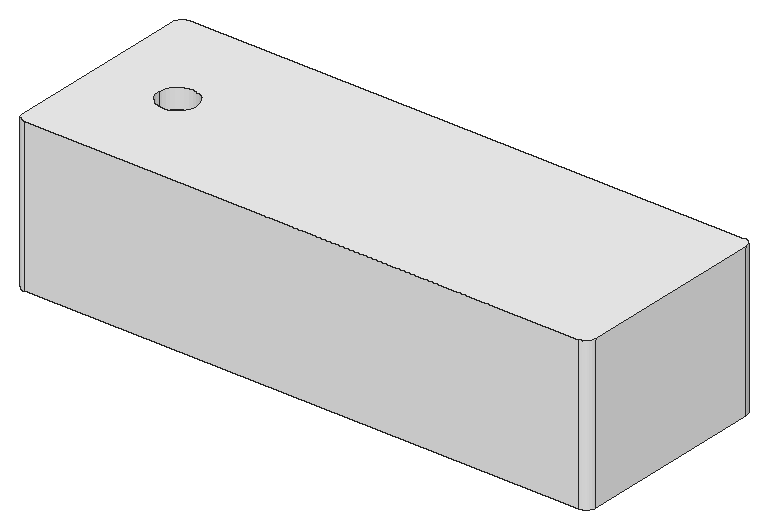
Revit family "BS0700010", category Plumbing Fixtures, Revit 2015
Parameters
  URL = "www.arboles.co.uk"
  Manufacturer = "ARBOLES UK LTD, 01204 388814"
  Description = "Belfast Ceramic Sink 460mm x 380mm x 205mm White"
Reference planes
  plane 1 "Center (Front/Back)": y = 0
  plane 2: z = 0
  plane 3 "Center (Left/Right)": x = 0
Forms (mm)
  Extrusion 1, solid
    sketch origin (0, 0, 0) x (1, 0, 0) y (0, 1, 0)
      loop
        line (15, -23.73) -> (900, -23.73)
        arc (900, -23.73) -> (910.607, -19.337) -> (915, -8.73) r 15
        line (915, -8.73) -> (915, 290)
        arc (915, 290) -> (910.607, 300.607) -> (900, 305) r 15
        line (900, 305) -> (15, 305)
        arc (15, 305) -> (4.393, 300.607) -> (0, 290) r 15
        line (0, 290) -> (0, -8.73)
        arc (0, -8.73) -> (4.393, -19.337) -> (15, -23.73) r 15
    from 0 to 242.003
  Extrusion 2, void
    sketch origin (0, 0, 0) x (1, 0, 0) y (0, 1, 0)
      loop
        arc (45, 280) -> (37.929, 277.071) -> (35, 270) r 10
        line (35, 270) -> (35, 227.613)
        arc (35, 227.613) -> (35.565, 225.304) -> (37.132, 223.517) r 5
        line (37.132, 223.517) -> (80.736, 192.986)
        arc (80.736, 192.986) -> (83.87, 189.412) -> (85, 184.794) r 10
        line (85, 184.794) -> (85, 95.206)
        arc (85, 95.206) -> (83.87, 90.588) -> (80.736, 87.014) r 10
        line (80.736, 87.014) -> (37.132, 56.483)
        arc (37.132, 56.483) -> (35.565, 54.696) -> (35, 52.387) r 5
        line (35, 52.387) -> (35, 12.077)
        arc (35, 12.077) -> (37.929, 5.006) -> (45, 2.077) r 10
        line (45, 2.077) -> (875, 2.077)
        arc (875, 2.077) -> (882.071, 5.006) -> (885, 12.077) r 10
        line (885, 12.077) -> (885, 270)
        arc (885, 270) -> (882.071, 277.071) -> (875, 280) r 10
        line (875, 280) -> (45, 280)
    from 0 to 211.707
  Extrusion 3, void
    sketch origin (0, 0, 0) x (1, 0, 0) y (0, 1, 0)
      loop
        line (100, 227.613) -> (35.3, 227.613) -> (35.3, 52.613) -> (100, 52.613) -> (100, 227.613)
    from 0 to 30
  Extrusion 4, void
    sketch origin (0, 0, 0) x (1, 0, 0) y (0, 1, 0)
      loop
        arc (47.325, 189.097) -> (43.79, 187.633) -> (42.325, 184.097) r 5
        line (42.325, 184.097) -> (42.325, 100)
        arc (42.325, 100) -> (43.79, 96.464) -> (47.325, 95) r 5
        line (47.325, 95) -> (65.717, 95)
        arc (65.717, 95) -> (69.252, 96.464) -> (70.717, 100) r 5
        line (70.717, 100) -> (70.717, 184.097)
        arc (70.717, 184.097) -> (69.252, 187.633) -> (65.717, 189.097) r 5
        line (65.717, 189.097) -> (47.325, 189.097)
    from 0 to 224.05
  Extrusion 5, void
    sketch origin (0, 0, 0) x (1, 0, 0) y (0, 1, 0)
      loop
        circle (127.958, 140) r 30
    from 0 to 250
Cuts and joins
  Extrusion 2, Extrusion 3, Extrusion 4, Extrusion 5 cuts Extrusion 1
Dimensions and locks
  aligned and locked: level to plane 2
